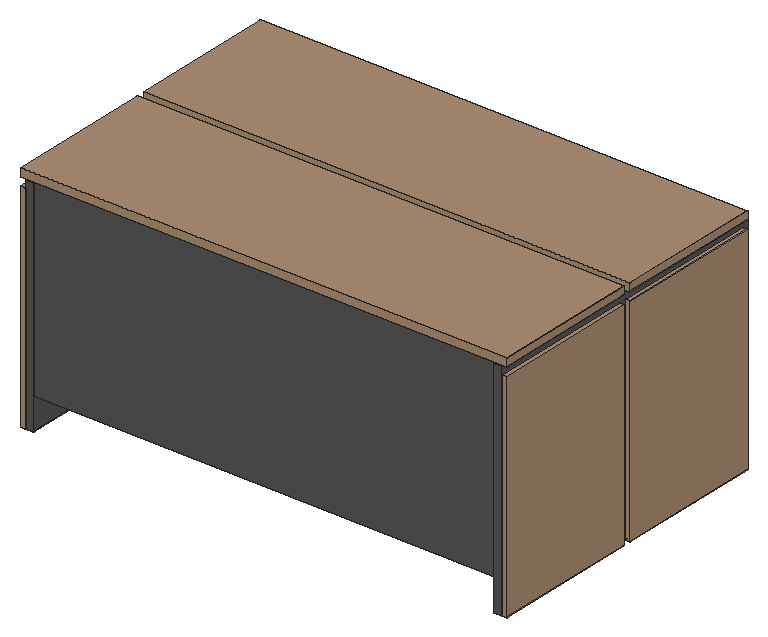
Revit family "Sanitary_Compound-Units_hansgrohe_54262XXX-Xilesa-E-Vanity-unit_980-470_2-drawer_wash-basin", category Furniture, host Face, Revit 2022
Family settings
  Host = Face
  OmniClass Number = 23.21.19.15.33.13
  OmniClass Title = Residential Bathroom Specialty Casework
  Cut with Voids When Loaded = No
  Render Appearance Source = Family Geometry
  Shared = No
  Room Calculation Point = No
Parameters (values of type "550 Cashmere Oak")
  Version = 1  # constant formula
  URL = "https://www.hansgrohe.com/"
  Product data url = "https://www.bimobject.com/en/hansgrohe/product/54262XXX"
  Product Page URL = "https://www.hansgrohe.com/articledetail--54262550"
  Model = "54262XXX"  # constant formula
  Material 3 = Hansgrohe - Metal - Black
  Material 2 = Hansgrohe - MDF - Matt Black
  Material 1 = Hansgrohe - MDF - 550 Cashmere Oak
  Manufacturer = "Hansgrohe"  # constant formula
  Height = 0 mm
  Description = "Xilesa E Vanity unit 980/470 with 2 drawers for wash basin"  # constant formula
  Default Elevation = 0 mm
  Date Updated = ""
  Date Created = "2024/02/03"  # constant formula
Types (5, lengths in mm): name | Material 1
  (no name) | Hansgrohe - MDF - 550 Cashmere Oak
  550 Cashmere Oak | Hansgrohe - MDF - 550 Cashmere Oak
  700 Matt White | Hansgrohe - MDF - 700 Matt White
  760 Slate Matt Grey | Hansgrohe - MDF - 760 Slate Matt Grey
  780 Sand Matt Beige | Hansgrohe - MDF - 780 Sand Matt Beige
Reference planes
  plane 1 "Center (Front/Back)": y = 0
  plane 2: z = 0
  plane 3 "Center (Left/Right)": x = 0
  plane 4: x = -490
  plane 5: x = 490
  plane 6: y = -620
  plane 7: z = 468
Dimensions and locks
  aligned and locked: plane 2 to host face
  aligned and locked: level to host face
Nested families
  nested 1: "54262XXX" at (0, -620, 0) x (1, 0, 0) z (0, 1, 0), Material 1 <- "Material 1", Material 2 <- "Material 2", Material 3 <- "Material 3", type "54262XXX"
    with Material 3 Hansgrohe - Metal - Black, Material 2 Hansgrohe - MDF - Matt Black, Material 1 Hansgrohe - MDF - 550 Cashmere Oak
Definition of nested family "54262XXX"
  Parameters (values of type "54262XXX")
    Version = 1  # constant formula
    URL = "https://www.hansgrohe.com/"
    Product data url = "https://www.bimobject.com/en/hansgrohe/product/54262XXX"
    Product Page URL = "https://www.hansgrohe.com/articledetail--54262550"
    Model = "54262XXX"  # constant formula
    Material 3 [instance] = none
    Material 2 [instance] = none
    Material 1 [instance] = none
    Manufacturer = "Hansgrohe"  # constant formula
    Description = "Xilesa E Vanity unit 980/470 with 2 drawers for wash basin"  # constant formula
    Default Elevation = 1219.2 mm
    Date Updated = ""
    Date Created = "2024/12/16"  # constant formula
  Reference planes
    plane 1 "Center (Front/Back)": y = 0
    plane 2: z = 0
    plane 3 "Center (Left/Right)": x = 0
  Forms (mm)
    Extrusion 1, solid, material <- "Material 1", detail levels medium+fine
      sketch origin (0, 0, 0) x (1, 0, 0) y (0, 1, 0)
        loop
          line (-480.6, 0) -> (-489.2, 0)
          arc (-489.2, 0) -> (-489.766, -0.234) -> (-490, -0.8) r 0.8
          line (-490, -0.8) -> (-490, -433.9)
          arc (-490, -433.9) -> (-489.766, -434.466) -> (-489.2, -434.7) r 0.8
          line (-489.2, -434.7) -> (-480.6, -434.7)
          arc (-480.6, -434.7) -> (-480.034, -434.466) -> (-479.8, -433.9) r 0.8
          line (-479.8, -433.9) -> (-479.8, -0.8)
          arc (-479.8, -0.8) -> (-480.034, -0.234) -> (-480.6, 0) r 0.8
        loop
          arc (480.6, 0) -> (480.034, -0.234) -> (479.8, -0.8) r 0.8
          line (479.8, -0.8) -> (479.8, -433.9)
          arc (479.8, -433.9) -> (480.034, -434.466) -> (480.6, -434.7) r 0.8
          line (480.6, -434.7) -> (489.2, -434.7)
          arc (489.2, -434.7) -> (489.766, -434.466) -> (490, -433.9) r 0.8
          line (490, -433.9) -> (490, -0.8)
          arc (490, -0.8) -> (489.766, -0.234) -> (489.2, 0) r 0.8
          line (489.2, 0) -> (480.6, 0)
      from 0 to 295
    Extrusion 2, solid, material <- "Material 1", detail levels medium+fine
      sketch origin (0, -90, 0) x (1, 0, 0) y (0, 1, 0)
        loop
          line (-489.2, -378) -> (489.2, -378)
          arc (489.2, -378) -> (489.766, -377.766) -> (490, -377.2) r 0.8
          line (490, -377.2) -> (490, -362.5)
          arc (490, -362.5) -> (489.766, -361.934) -> (489.2, -361.7) r 0.8
          line (489.2, -361.7) -> (-489.2, -361.7)
          arc (-489.2, -361.7) -> (-489.766, -361.934) -> (-490, -362.5) r 0.8
          line (-490, -362.5) -> (-490, -377.2)
          arc (-490, -377.2) -> (-489.766, -377.766) -> (-489.2, -378) r 0.8
      from 0 to 295
    Extrusion 3, solid, material <- "Material 2", detail levels medium+fine
      sketch origin (0, 0, 0) x (1, 0, 0) y (0, 1, 0)
        loop
          line (-479.8, -0.8) -> (-479.8, -448.9)
          arc (-479.8, -448.9) -> (-479.566, -449.466) -> (-479, -449.7) r 0.8
          line (-479, -449.7) -> (-464.6, -449.7)
          arc (-464.6, -449.7) -> (-464.034, -449.466) -> (-463.8, -448.9) r 0.8
          line (-463.8, -448.9) -> (-463.8, -0.8)
          arc (-463.8, -0.8) -> (-464.034, -0.234) -> (-464.6, 0) r 0.8
          line (-464.6, 0) -> (-479, 0)
          arc (-479, 0) -> (-479.566, -0.234) -> (-479.8, -0.8) r 0.8
        loop
          arc (479.8, -0.8) -> (479.566, -0.234) -> (479, 0) r 0.8
          line (479, 0) -> (464.6, 0)
          arc (464.6, 0) -> (464.034, -0.234) -> (463.8, -0.8) r 0.8
          line (463.8, -0.8) -> (463.8, -448.9)
          arc (463.8, -448.9) -> (464.034, -449.466) -> (464.6, -449.7) r 0.8
          line (464.6, -449.7) -> (479, -449.7)
          arc (479, -449.7) -> (479.566, -449.466) -> (479.8, -448.9) r 0.8
          line (479.8, -448.9) -> (479.8, -0.8)
      from 0 to 620
    Extrusion 4, solid, material <- "Material 2", detail levels fine
      sketch origin (0, 0, 0) x (1, 0, 0) y (0, 1, 0)
        loop
          line (-463.8, -65.2) -> (-463.8, -81.2) -> (463.8, -81.2) -> (463.8, -65.2) -> (-463.8, -65.2)
      from 17 to 125
    Extrusion 5, solid, material <- "Material 2", detail levels fine
      sketch origin (0, 0, 0) x (1, 0, 0) y (0, 1, 0)
        loop
          line (-463.8, -64.7) -> (-463.8, -451.7) -> (463.8, -451.7) -> (463.8, -64.7) -> (-463.8, -64.7)
      from 1 to 17
    Extrusion 6, solid, material <- "Material 3", detail levels fine
      sketch origin (0, -90, 0) x (1, 0, 0) y (0, 1, 0)
        loop
          line (-462.3, -356.9) -> (-462.3, -329.2) -> (-463.8, -329.2) -> (-463.8, -356.9)
          arc (-463.8, -356.9) -> (-463.126, -358.527) -> (-461.5, -359.2) r 2.3
          line (-461.5, -359.2) -> (461.5, -359.2)
          arc (461.5, -359.2) -> (463.126, -358.527) -> (463.8, -356.9) r 2.3
          line (463.8, -356.9) -> (463.8, -329.2) -> (462.3, -329.2) -> (462.3, -356.9)
          arc (462.3, -356.9) -> (462.066, -357.466) -> (461.5, -357.7) r 0.8
          line (461.5, -357.7) -> (-461.5, -357.7)
          arc (-461.5, -357.7) -> (-462.066, -357.466) -> (-462.3, -356.9) r 0.8
      from 569.5 to 619.5
    Extrusion 7, solid, material <- "Material 3", detail levels fine
      sketch origin (250, 0, 1) x (1, 0, 0) y (0, 0, 1)
        loop
          line (198.3, 213.03) -> (198.3, 231.03) -> (183.3, 231.03) -> (183.3, 224.03) -> (192.95, 224.03) -> (192.95, 213.03) -> (198.3, 213.03)
      from 88.7 to 361.7
    Extrusion 8, solid, material <- "Material 3", detail levels fine
      sketch origin (250, 0, 1) x (1, 0, 0) y (0, 0, 1)
        loop
          line (200.05, 211.28) -> (200.05, 232.78) -> (181.55, 232.78) -> (181.55, 211.28) -> (200.05, 211.28)
      from 451.7 to 361.7
    Extrusion 9, solid, material <- "Material 3", detail levels fine
      sketch origin (0, 0, 1) x (1, 0, 0) y (0, 0, 1)
        loop
          line (-442.5, 223.8) -> (-442.5, 113.608) -> (-448.2, 97.947) -> (-448.2, 48) -> (-419.9, 48) -> (-419.9, 223.8) -> (-442.5, 223.8)
        loop
          line (442.5, 223.8) -> (419.9, 223.8) -> (419.9, 48) -> (448.2, 48) -> (448.2, 97.947) -> (442.5, 113.608) -> (442.5, 223.8)
      from 91.9 to 109.4
    Extrusion 10, void
      sketch origin (0, 0, 1) x (1, 0, 0) y (0, 0, 1)
        loop
          line (-441.5, 222.8) -> (-441.5, 113.431) -> (-447.2, 97.771) -> (-447.2, 49) -> (-420.9, 49) -> (-420.9, 222.8) -> (-441.5, 222.8)
        loop
          line (441.5, 222.8) -> (420.9, 222.8) -> (420.9, 49) -> (447.2, 49) -> (447.2, 97.771) -> (441.5, 113.431) -> (441.5, 222.8)
      from 91.9 to 108.7
    Extrusion 11, solid, material <- "Material 2", detail levels fine
      sketch origin (0, 0, 0) x (0, 1, 0) y (0, 0, 1)
        loop
          line (-92.7, 35.48) -> (-92.7, 114.5)
          arc (-92.7, 114.5) -> (-92.847, 114.854) -> (-93.2, 115) r 0.5
          line (-93.2, 115) -> (-108.2, 115)
          arc (-108.2, 115) -> (-108.554, 114.854) -> (-108.7, 114.5) r 0.5
          line (-108.7, 114.5) -> (-108.7, 35.48)
          arc (-108.7, 35.48) -> (-108.554, 35.126) -> (-108.2, 34.98) r 0.5
          line (-108.2, 34.98) -> (-93.2, 34.98)
          arc (-93.2, 34.98) -> (-92.847, 35.126) -> (-92.7, 35.48) r 0.5
      from -420 to 420
    Extrusion 12, solid, material <- "Material 3", detail levels fine
      sketch origin (-250, 0, 1) x (-1, 0, 0) y (0, 0, -1)
        loop
          line (198.3, -213.03) -> (192.95, -213.03) -> (192.95, -224.03) -> (183.3, -224.03) -> (183.3, -231.03) -> (198.3, -231.03) -> (198.3, -213.03)
      from 88.7 to 361.7
    Extrusion 13, solid, material <- "Material 3", detail levels fine
      sketch origin (-250, 0, 1) x (-1, 0, 0) y (0, 0, -1)
        loop
          line (200.05, -211.28) -> (181.55, -211.28) -> (181.55, -232.78) -> (200.05, -232.78) -> (200.05, -211.28)
      from 451.7 to 361.7
    Extrusion 14, solid, material <- "Material 1", detail levels coarse
      sketch origin (0, 0, 0) x (1, 0, 0) y (0, 1, 0)
        loop
          line (-490, -468) -> (490, -468) -> (490, 0) -> (463.8, 0) -> (463.8, -451.7) -> (-463.8, -451.7) -> (-463.8, 0) -> (-490, 0) -> (-490, -468)
      from 0 to 620
    Extrusion 15, solid, material <- "Material 1", detail levels medium+fine
      sketch origin (0, 0, 0) x (1, 0, 0) y (0, 1, 0)
        loop
          line (-480.6, 0) -> (-489.2, 0)
          arc (-489.2, 0) -> (-489.766, -0.234) -> (-490, -0.8) r 0.8
          line (-490, -0.8) -> (-490, -433.9)
          arc (-490, -433.9) -> (-489.766, -434.466) -> (-489.2, -434.7) r 0.8
          line (-489.2, -434.7) -> (-480.6, -434.7)
          arc (-480.6, -434.7) -> (-480.034, -434.466) -> (-479.8, -433.9) r 0.8
          line (-479.8, -433.9) -> (-479.8, -0.8)
          arc (-479.8, -0.8) -> (-480.034, -0.234) -> (-480.6, 0) r 0.8
        loop
          arc (480.6, 0) -> (480.034, -0.234) -> (479.8, -0.8) r 0.8
          line (479.8, -0.8) -> (479.8, -433.9)
          arc (479.8, -433.9) -> (480.034, -434.466) -> (480.6, -434.7) r 0.8
          line (480.6, -434.7) -> (489.2, -434.7)
          arc (489.2, -434.7) -> (489.766, -434.466) -> (490, -433.9) r 0.8
          line (490, -433.9) -> (490, -0.8)
          arc (490, -0.8) -> (489.766, -0.234) -> (489.2, 0) r 0.8
          line (489.2, 0) -> (480.6, 0)
      from 310 to 605
    Extrusion 16, solid, material <- "Material 1", detail levels medium+fine
      sketch origin (0, -90, 0) x (1, 0, 0) y (0, 1, 0)
        loop
          line (-489.2, -378) -> (489.2, -378)
          arc (489.2, -378) -> (489.766, -377.766) -> (490, -377.2) r 0.8
          line (490, -377.2) -> (490, -362.5)
          arc (490, -362.5) -> (489.766, -361.934) -> (489.2, -361.7) r 0.8
          line (489.2, -361.7) -> (-489.2, -361.7)
          arc (-489.2, -361.7) -> (-489.766, -361.934) -> (-490, -362.5) r 0.8
          line (-490, -362.5) -> (-490, -377.2)
          arc (-490, -377.2) -> (-489.766, -377.766) -> (-489.2, -378) r 0.8
      from 310 to 605
    Extrusion 17, solid, material <- "Material 2", detail levels fine
      sketch origin (0, 0, 311) x (1, 0, 0) y (0, 0, 1)
        loop
          line (-422.898, 33.98) -> (422.898, 33.98) -> (422.898, 48.98) -> (-422.898, 48.98) -> (-422.898, 33.98)
      from 109.4 to 451.7
    Extrusion 18, solid, material <- "Material 3", detail levels fine
      sketch origin (250, 0, 311) x (1, 0, 0) y (0, 0, 1)
        loop
          line (198.3, 213.03) -> (198.3, 231.03) -> (183.3, 231.03) -> (183.3, 224.03) -> (192.95, 224.03) -> (192.95, 213.03) -> (198.3, 213.03)
      from 88.7 to 361.7
    Extrusion 19, solid, material <- "Material 3", detail levels fine
      sketch origin (250, 0, 311) x (1, 0, 0) y (0, 0, 1)
        loop
          line (200.05, 211.28) -> (200.05, 232.78) -> (181.55, 232.78) -> (181.55, 211.28) -> (200.05, 211.28)
      from 451.7 to 361.7
    Extrusion 20, solid, material <- "Material 3", detail levels fine
      sketch origin (0, 0, 311) x (1, 0, 0) y (0, 0, 1)
        loop
          line (-442.5, 223.8) -> (-442.5, 113.608) -> (-448.2, 97.947) -> (-448.2, 48) -> (-419.9, 48) -> (-419.9, 223.8) -> (-442.5, 223.8)
        loop
          line (442.5, 223.8) -> (419.9, 223.8) -> (419.9, 48) -> (448.2, 48) -> (448.2, 97.947) -> (442.5, 113.608) -> (442.5, 223.8)
      from 91.9 to 109.4
    Extrusion 21, void
      sketch origin (0, 0, 311) x (1, 0, 0) y (0, 0, 1)
        loop
          line (-441.5, 222.8) -> (-441.5, 113.431) -> (-447.2, 97.771) -> (-447.2, 49) -> (-420.9, 49) -> (-420.9, 222.8) -> (-441.5, 222.8)
        loop
          line (441.5, 222.8) -> (420.9, 222.8) -> (420.9, 49) -> (447.2, 49) -> (447.2, 97.771) -> (441.5, 113.431) -> (441.5, 222.8)
      from 91.9 to 108.7
    Extrusion 22, solid, material <- "Material 3", detail levels fine
      sketch origin (-250, 0, 311) x (-1, 0, 0) y (0, 0, -1)
        loop
          line (198.3, -213.03) -> (192.95, -213.03) -> (192.95, -224.03) -> (183.3, -224.03) -> (183.3, -231.03) -> (198.3, -231.03) -> (198.3, -213.03)
      from 88.7 to 361.7
    Extrusion 23, solid, material <- "Material 3", detail levels fine
      sketch origin (-250, 0, 311) x (-1, 0, 0) y (0, 0, -1)
        loop
          line (200.05, -211.28) -> (181.55, -211.28) -> (181.55, -232.78) -> (200.05, -232.78) -> (200.05, -211.28)
      from 451.7 to 361.7
    Extrusion 24, solid, material <- "Material 3", detail levels fine
      sketch origin (0, -90, 0) x (1, 0, 0) y (0, 1, 0)
        loop
          line (-462.3, -356.9) -> (-462.3, -329.2) -> (-463.8, -329.2) -> (-463.8, -356.9)
          arc (-463.8, -356.9) -> (-463.126, -358.527) -> (-461.5, -359.2) r 2.3
          line (-461.5, -359.2) -> (461.5, -359.2)
          arc (461.5, -359.2) -> (463.126, -358.527) -> (463.8, -356.9) r 2.3
          line (463.8, -356.9) -> (463.8, -329.2) -> (462.3, -329.2) -> (462.3, -356.9)
          arc (462.3, -356.9) -> (462.066, -357.466) -> (461.5, -357.7) r 0.8
          line (461.5, -357.7) -> (-461.5, -357.7)
          arc (-461.5, -357.7) -> (-462.066, -357.466) -> (-462.3, -356.9) r 0.8
      from 277 to 327
    Extrusion 25, solid, material <- "Material 2", detail levels fine
      sketch origin (0, 0, 1) x (1, 0, 0) y (0, 0, 1)
        loop
          line (-422.898, 33.98) -> (422.898, 33.98) -> (422.898, 48.98) -> (-422.898, 48.98) -> (-422.898, 33.98)
      from 109.4 to 451.7
    Extrusion 26, solid, material <- "Material 2", detail levels fine
      sketch origin (0, 0, 310) x (0, 1, 0) y (0, 0, 1)
        loop
          line (-92.7, 35.48) -> (-92.7, 114.5)
          arc (-92.7, 114.5) -> (-92.847, 114.854) -> (-93.2, 115) r 0.5
          line (-93.2, 115) -> (-108.2, 115)
          arc (-108.2, 115) -> (-108.554, 114.854) -> (-108.7, 114.5) r 0.5
          line (-108.7, 114.5) -> (-108.7, 35.48)
          arc (-108.7, 35.48) -> (-108.554, 35.127) -> (-108.2, 34.98) r 0.5
          line (-108.2, 34.98) -> (-93.2, 34.98)
          arc (-93.2, 34.98) -> (-92.847, 35.127) -> (-92.7, 35.48) r 0.5
      from -420 to 420
    Extrusion 27, solid, material <- "Material 3", detail levels fine
      sketch origin (0, 0, 311) x (1, 0, 0) y (0, 0, 1)
        loop
          line (452.091, 33.98) -> (452.091, 115.48) -> (433.591, 115.48) -> (432.786, 100.114) -> (430.22, 99.98) -> (427.791, 53.623)
          arc (427.791, 53.623) -> (426.271, 50.325) -> (422.898, 48.98) r 4.9
          line (422.898, 48.98) -> (422.898, 33.98) -> (452.091, 33.98)
        loop
          line (-452.091, 33.98) -> (-422.898, 33.98) -> (-422.898, 48.98)
          arc (-422.898, 48.98) -> (-426.271, 50.325) -> (-427.791, 53.623) r 4.9
          line (-427.791, 53.623) -> (-430.22, 99.98) -> (-432.786, 100.114) -> (-433.591, 115.48) -> (-452.091, 115.48) -> (-452.091, 33.98)
      from 109.4 to 451.7
    Extrusion 28, solid, material <- "Material 3", detail levels fine
      sketch origin (0, 0, 1) x (1, 0, 0) y (0, 0, 1)
        loop
          line (452.091, 33.98) -> (452.091, 115.48) -> (433.591, 115.48) -> (432.786, 100.114) -> (430.22, 99.98) -> (427.791, 53.623)
          arc (427.791, 53.623) -> (426.271, 50.325) -> (422.898, 48.98) r 4.9
          line (422.898, 48.98) -> (422.898, 33.98) -> (452.091, 33.98)
        loop
          line (-452.091, 33.98) -> (-422.898, 33.98) -> (-422.898, 48.98)
          arc (-422.898, 48.98) -> (-426.271, 50.325) -> (-427.791, 53.623) r 4.9
          line (-427.791, 53.623) -> (-430.22, 99.98) -> (-432.786, 100.114) -> (-433.591, 115.48) -> (-452.091, 115.48) -> (-452.091, 33.98)
      from 109.4 to 451.7
  Cuts and joins
    Extrusion 10 cuts Extrusion 9
    Extrusion 21 cuts Extrusion 20
  Lines and regions (mm)
    Masking region 1
      outline origin (0, 0, 0) x (1, 0, 0) y (0, 1, 0)
        loop
          line (-490, -0.8) -> (-490, -433.9)
          arc (-490, -433.9) -> (-489.766, -434.466) -> (-489.2, -434.7) r 0.8
          line (-489.2, -434.7) -> (-480.6, -434.7)
          arc (-480.6, -434.7) -> (-480.034, -434.466) -> (-479.8, -433.9) r 0.8
          line (-479.8, -433.9) -> (-479.8, -451.7) -> (-489.2, -451.7)
          arc (-489.2, -451.7) -> (-489.766, -451.934) -> (-490, -452.5) r 0.8
          line (-490, -452.5) -> (-490, -467.2)
          arc (-490, -467.2) -> (-489.766, -467.766) -> (-489.2, -468) r 0.8
          line (-489.2, -468) -> (0, -468) -> (489.2, -468)
          arc (489.2, -468) -> (489.766, -467.766) -> (490, -467.2) r 0.8
          line (490, -467.2) -> (490, -452.5)
          arc (490, -452.5) -> (489.766, -451.934) -> (489.2, -451.7) r 0.8
          line (489.2, -451.7) -> (479.8, -451.7) -> (479.8, -433.9)
          arc (479.8, -433.9) -> (480.034, -434.466) -> (480.6, -434.7) r 0.8
          line (480.6, -434.7) -> (489.2, -434.7)
          arc (489.2, -434.7) -> (489.766, -434.466) -> (490, -433.9) r 0.8
          line (490, -433.9) -> (490, -0.8)
          arc (490, -0.8) -> (489.766, -0.234) -> (489.2, 0) r 0.8
          line (489.2, 0) -> (480.6, 0)
          arc (480.6, 0) -> (480.034, -0.234) -> (479.8, -0.8) r 0.8
          arc (479.8, -0.8) -> (479.566, -0.234) -> (479, 0) r 0.8
          line (479, 0) -> (464.6, 0)
          arc (464.6, 0) -> (464.034, -0.234) -> (463.8, -0.8) r 0.8
          line (463.8, -0.8) -> (463.8, -64.7) -> (0, -64.7) -> (-463.8, -64.7) -> (-463.8, -0.8)
          arc (-463.8, -0.8) -> (-464.034, -0.234) -> (-464.6, 0) r 0.8
          line (-464.6, 0) -> (-479, 0)
          arc (-479, 0) -> (-479.566, -0.234) -> (-479.8, -0.8) r 0.8
          arc (-479.8, -0.8) -> (-480.034, -0.234) -> (-480.6, 0) r 0.8
          line (-480.6, 0) -> (-489.2, 0)
          arc (-489.2, 0) -> (-489.766, -0.234) -> (-490, -0.8) r 0.8
    Masking region 2
      outline origin (0, 0, 0) x (0, 1, 0) y (0, 0, 1)
        loop
          line (-449.7, 620) -> (-449.7, 543.78) -> (-451.7, 543.78) -> (-451.7, 605) -> (-468, 605) -> (-468, 310) -> (-451.7, 310) -> (-451.7, 344.98) -> (-449.7, 344.98) -> (-449.7, 233.78) -> (-451.7, 233.78) -> (-451.7, 295) -> (-468, 295) -> (-468, 0) -> (-451.7, 0) -> (-451.7, 34.98) -> (-449.7, 34.98) -> (-449.7, 0) -> (0, 0) -> (0, 620) -> (-449.7, 620)
    Masking region 3
      outline origin (0, 0, 0) x (1, 0, 0) y (0, 0, 1)
        loop
          line (-490, 605) -> (-490, 310) -> (-479.8, 310) -> (-479.8, 295) -> (-490, 295) -> (-490, 0) -> (0, 0) -> (490, 0) -> (490, 295) -> (479.8, 295) -> (479.8, 310) -> (490, 310) -> (490, 605) -> (479.8, 605) -> (479.8, 620) -> (0, 620) -> (-479.8, 620) -> (-479.8, 605) -> (-490, 605)
    symbolic lines, detail levels medium+fine
      curve 1: line (-479.8, -451.7, 0) -> (0, -451.7, 0)
      curve 2: line (-463.8, -64.7, 0) -> (-463.8, -451.7, 0)
      curve 3: line (-479.8, -0.8, 0) -> (-479.8, -433.9, 0)
      curve 4: line (-463.8, -81.2, 0) -> (0, -81.2, 0)
      curve 25: line (479.8, -451.7, 0) -> (0, -451.7, 0)
      curve 26: line (463.8, -64.7, 0) -> (463.8, -451.7, 0)
      curve 27: line (479.8, -0.8, 0) -> (479.8, -433.9, 0)
      curve 28: line (463.8, -81.2, 0) -> (0, -81.2, 0)
      curve 49: line (0, -451.7, 33.98) -> (0, -451.7, 233.78)
      curve 50: line (0, -449.7, 543.78) -> (0, -449.7, 344.98)
      curve 53: line (0, -451.7, 212.28) -> (0, -449.7, 212.28)
      curve 54: line (0, -451.7, 116.48) -> (0, -449.7, 116.48)
      curve 55: line (-479.8, 0, 605) -> (479.8, 0, 605)
      curve 56: line (-463.8, 0, 620) -> (-463.8, 0, 605)
      curve 57: line (463.8, 0, 620) -> (463.8, 0, 605)
      curve 62: line (0, -451.7, 344.98) -> (0, -451.7, 543.78)
      curve 63: line (0, -449.7, 233.78) -> (0, -449.7, 33.98)
      curve 65: line (-479.8, 0, 310) -> (479.8, 0, 310)
      curve 66: line (479.8, 0, 295) -> (-479.8, 0, 295)
    symbolic lines, detail levels fine
      curve 5: line (-452.091, -81.2, 0) -> (-452.091, -447.7, 0)
      curve 6: line (-430.22, -81.2, 0) -> (-430.22, -91.9, 0)
      curve 7: line (0, -91.9, 0) -> (-433.3, -91.9, 0)
      curve 8: line (-433.3, -109.4, 0) -> (0, -109.4, 0)
      curve 9: line (-448.3, -88.7, 0) -> (-448.3, -361.7, 0)
      curve 10: line (-433.3, -88.7, 0) -> (-448.3, -88.7, 0)
      curve 11: line (-450.05, -361.7, 0) -> (-450.05, -447.7, 0)
      curve 12: line (-450.05, -361.7, 0) -> (-431.55, -361.7, 0)
      curve 13: line (-431.55, -361.7, 0) -> (-431.55, -447.7, 0)
      curve 14: line (0, -447.7, 0) -> (-461.5, -447.7, 0)
      curve 15: arc (-461.5, -447.7, 0) -> (-462.066, -447.466, 0) -> (-462.3, -446.9, 0) r 0.8
      curve 16: line (-462.3, -446.9, 0) -> (-462.3, -419.2, 0)
      curve 17: line (-462.3, -419.2, 0) -> (-463.8, -419.2, 0)
      curve 18: arc (-463.8, -446.9, 0) -> (-463.126, -448.527, 0) -> (-461.5, -449.2, 0) r 2.3
      curve 19: line (-461.5, -449.2, 0) -> (0, -449.2, 0)
      curve 20: line (-452.091, -449.2, 0) -> (-452.091, -451.7, 0)
      curve 21: line (-450.05, -449.2, 0) -> (-450.05, -451.7, 0)
      curve 22: line (-433.3, -361.7, 0) -> (-433.3, -88.7, 0)
      curve 23: line (-431.55, -449.2, 0) -> (-431.55, -451.7, 0)
      curve 24: line (-430.22, -449.2, 0) -> (-430.22, -451.7, 0)
      curve 29: line (452.091, -81.2, 0) -> (452.091, -447.7, 0)
      curve 30: line (430.22, -81.2, 0) -> (430.22, -91.9, 0)
      curve 31: line (0, -91.9, 0) -> (433.3, -91.9, 0)
      curve 32: line (433.3, -109.4, 0) -> (0, -109.4, 0)
      curve 33: line (448.3, -88.7, 0) -> (448.3, -361.7, 0)
      curve 34: line (433.3, -88.7, 0) -> (448.3, -88.7, 0)
      curve 35: line (450.05, -361.7, 0) -> (450.05, -447.7, 0)
      curve 36: line (450.05, -361.7, 0) -> (431.55, -361.7, 0)
      curve 37: line (431.55, -361.7, 0) -> (431.55, -447.7, 0)
      curve 38: line (0, -447.7, 0) -> (461.5, -447.7, 0)
      curve 39: arc (461.5, -447.7, 0) -> (462.066, -447.466, 0) -> (462.3, -446.9, 0) r 0.8
      curve 40: line (462.3, -446.9, 0) -> (462.3, -419.2, 0)
      curve 41: line (462.3, -419.2, 0) -> (463.8, -419.2, 0)
      curve 42: arc (463.8, -446.9, 0) -> (463.126, -448.527, 0) -> (461.5, -449.2, 0) r 2.3
      curve 43: line (461.5, -449.2, 0) -> (0, -449.2, 0)
      curve 44: line (452.091, -449.2, 0) -> (452.091, -451.7, 0)
      curve 45: line (450.05, -449.2, 0) -> (450.05, -451.7, 0)
      curve 46: line (433.3, -361.7, 0) -> (433.3, -88.7, 0)
      curve 47: line (431.55, -449.2, 0) -> (431.55, -451.7, 0)
      curve 48: line (430.22, -449.2, 0) -> (430.22, -451.7, 0)
      curve 51: line (0, 0, 605) -> (0, -434.7, 605)
      curve 52: line (0, -434.7, 605) -> (0, -434.7, 310)
      curve 58: line (0, -434.7, 310) -> (0, 0, 310)
      curve 59: line (0, 0, 295) -> (0, -434.7, 295)
      curve 60: line (0, -434.7, 295) -> (0, -434.7, 0)
      curve 61: line (0, -451.7, 522.28) -> (0, -449.7, 522.28)
      curve 64: line (0, -449.7, 426.5) -> (0, -451.7, 426.5)
      curve 67: line (430.22, -109.4, 0) -> (430.22, -447.7, 0)
      curve 68: line (-430.22, -109.4, 0) -> (-430.22, -447.7, 0)
  Dimensions and locks
    aligned and locked: level to plane 2
    aligned and locked: Extrusion 18 to Extrusion 19
